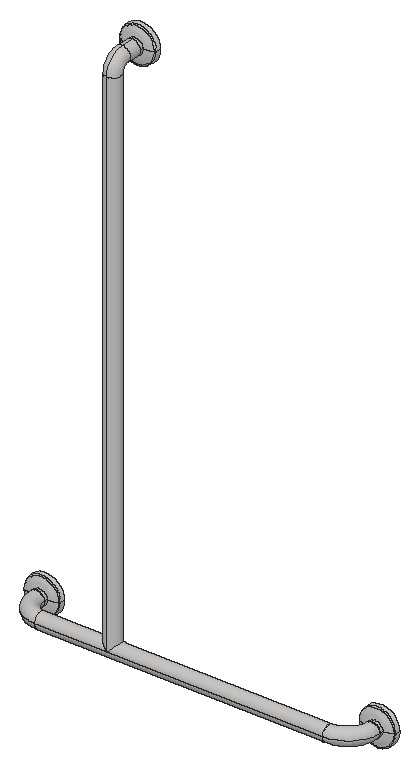
Revit family "Grab Rail_Metlam_Shower_Offset_Left", category Specialty Equipment, Revit 2016
Family settings
  Part Type = Normal
  Round Connector Dimension = Use Diameter
  OmniClass Number = 23.40.20.21.47
  OmniClass Title = Bath Grab Bars
  Work Plane-Based = No
  Always vertical = Yes
  Cut with Voids When Loaded = No
  Shared = No
  Room Calculation Point = Yes
Parameters (values of type "732w x 90d x 1132h (MLR107MKII)")
  Width = 732 mm  # constant formula
  URL = "http://www.metlam.com.au/"
  Type Comments = "Grab Rails"  # constant formula
  Model = "MLR107MKII"
  Material_ANZRS = z_Metlam_Metal_Stainless Steel_Satin
  Manufacturer_Width = 700 mm  # constant formula
  Manufacturer_URL__Product Specific = "https://metlam.com.au/product/content/grab-rails/MLR107MKII"
  Manufacturer_Spec Code = Model  # "MLR107MKII"
  Manufacturer_Height From FFL [instance] = 800 mm
  Manufacturer_Height = 1100 mm  # constant formula
  Manufacturer_Depth = Depth  # 90 mm
  Manufacturer = "Metlam"  # constant formula
  Keynote = ""
  Height = 1132 mm  # constant formula
  Description = "LH Offset Flush Mount Shower Grab Rail"  # constant formula
  Depth = 90 mm  # constant formula
  CreatedBy_ANZRS = "IGS BIM Solutions"  # constant formula
  CreatedByURL_ANZRS = "http://www.igsgroup.com.au/"
  Assembly Code = ""
Reference planes
  plane 1 "Back": y = 0
  plane 2 "Ref. Level": z = 0
  plane 3 "Wall Mount_Centre (Elevation)": z = 784
  plane 4 "Left Wall Mount_Centre (Left/Right)": x = -740
  plane 5 "Front": y = -90
  plane 6 "Right Wall Mount_Centre (Left/Right)": x = -40
  plane 7 "Middle Wall Mount_Centre (Left/Right)": x = -540
  plane 8 "Middle Wall Mount_Centre (Elevation)": z = 1884
  plane 9 "Mounting Height": z = 800
  plane 10 "Horizontal Rail_Left": x = -756
  plane 11 "Left": x = -779
  plane 12 "Horizontal Rail_Right": x = -24
  plane 13 "Right": x = -1
  plane 14 "Horizontal Rail_Bottom": z = 768
  plane 15 "Bottom": z = 745
  plane 16 "Vertical Rail_Top": z = 1900
  plane 17 "Vertical Rail_Left": x = -556
  plane 18 "Vertical Rail_Right": x = -524
  plane 19 "Top": z = 1923
Forms (mm)
  Sweep 1, solid, material "z_Metlam_Metal_Stainless Steel_Satin" <- "Material_ANZRS"
    path origin (-166.031, 0, 784) x (0, -1, 0) y (1, 0, 0)
      loop
        line (23, -573.969) -> (24, -573.969)
        arc (24, -573.969) -> (59.355, -559.325) -> (74, -523.969) r 50
        line (74, -523.969) -> (74, 76.031)
        arc (74, 76.031) -> (59.355, 111.386) -> (24, 126.031) r 50
        line (24, 126.031) -> (23.031, 126.031)
    profile origin (-390, -74, 784) x (0, 1, 0) y (0, 0, 1)
      loop
        circle (0, 0) r 16
  Revolve 2, solid, material "z_Metlam_Metal_Stainless Steel_Satin" <- "Material_ANZRS"
    sketch origin (-956.405, -1524.031, 784) x (-1, 0, 0) y (0, -1, 0)
      loop
        line (-900.405, -1507.969) -> (-900.405, -1501) -> (-916.405, -1501) -> (-916.405, -1524.031) -> (-877.405, -1524.031) -> (-878.806, -1515.241)
        arc (-878.806, -1515.241) -> (-879.256, -1514.162) -> (-880.148, -1513.405) r 2.5
        arc (-880.148, -1513.405) -> (-889.996, -1509.643) -> (-900.405, -1507.969) r 51.397
      axis (-916.405, -1501) -> (-916.405, -1524.031)
    angle from 0 to 360
  Revolve 3, solid, material "z_Metlam_Metal_Stainless Steel_Satin" <- "Material_ANZRS"
    sketch origin (-176.405, -1524, 784) x (-1, 0, 0) y (0, -1, 0)
      loop
        arc (547.595, -1507.969) -> (537.186, -1509.643) -> (527.338, -1513.405) r 51.397
        arc (527.338, -1513.405) -> (526.446, -1514.162) -> (525.997, -1515.241) r 2.5
        line (525.997, -1515.241) -> (524.595, -1524) -> (563.595, -1524) -> (563.595, -1501) -> (547.595, -1501) -> (547.595, -1507.969)
      axis (563.595, -1501) -> (563.595, -1524)
    angle from 0 to 360
  Sweep 4, solid, material "z_Metlam_Metal_Stainless Steel_Satin" <- "Material_ANZRS"
    path origin (-540, 0, 0) x (0, 1, 0) y (0, 0, 1)
      loop
        line (-23.031, 1884) -> (-49, 1884)
        arc (-49, 1884) -> (-66.678, 1876.678) -> (-74, 1859) r 25
        line (-74, 1859) -> (-74, 784)
    profile origin (-540, -36.016, 1884) x (0, 0, -1) y (1, 0, 0)
      loop
        circle (0, 0) r 16
  Revolve 5, solid, material "z_Metlam_Metal_Stainless Steel_Satin" <- "Material_ANZRS"
    sketch origin (-500, 0, 1884) x (-1, 0, 0) y (0, -1, 0)
      loop
        line (40, 0) -> (79, 0) -> (77.599, 8.759)
        arc (77.599, 8.759) -> (77.149, 9.838) -> (76.257, 10.595) r 2.5
        arc (76.257, 10.595) -> (66.409, 14.357) -> (56, 16.031) r 51.397
        line (56, 16.031) -> (56, 23) -> (40, 23) -> (40, 0)
      axis (40, 23) -> (40, 0)
    angle from 0 to 360
Cuts and joins
  joined: Sweep 1, Revolve 2, Revolve 3, Sweep 4, Revolve 5
Lines and regions (mm)
  Masking region 1
    outline origin (0, 0, 784) x (-1, 0, 0) y (0, -1, 0)
      loop
        line (56, 16.031) -> (56, 24)
        arc (56, 24) -> (65.958, 48.042) -> (90, 58) r 34
        line (90, 58) -> (523.997, 58) -> (523.997, 16.031)
        arc (523.997, 16.031) -> (513.59, 14.357) -> (503.743, 10.595) r 51.397
        arc (503.743, 10.595) -> (502.851, 9.838) -> (502.401, 8.759) r 2.5
        line (502.401, 8.759) -> (501, 0) -> (579, 0) -> (577.599, 8.759)
        arc (577.599, 8.759) -> (577.149, 9.838) -> (576.257, 10.595) r 2.5
        arc (576.257, 10.595) -> (566.407, 14.358) -> (555.997, 16.031) r 51.397
        line (555.997, 16.031) -> (555.997, 58) -> (690, 58)
        arc (690, 58) -> (714.042, 48.042) -> (724, 24) r 34
        line (724, 24) -> (724, 16.031)
        arc (724, 16.031) -> (713.577, 14.378) -> (703.727, 10.593) r 50.422
        arc (703.727, 10.593) -> (702.847, 9.842) -> (702.404, 8.774) r 2.482
        line (702.404, 8.774) -> (701, 0) -> (779, 0) -> (777.594, 8.788)
        arc (777.594, 8.788) -> (777.155, 9.844) -> (776.286, 10.586) r 2.455
        arc (776.286, 10.586) -> (766.43, 14.377) -> (756, 16.031) r 50.422
        line (756, 16.031) -> (756, 24)
        arc (756, 24) -> (736.669, 70.669) -> (690, 90) r 66
        line (690, 90) -> (90, 90)
        arc (90, 90) -> (43.331, 70.669) -> (24, 24) r 66
        line (24, 24) -> (24, 16.031)
        arc (24, 16.031) -> (13.57, 14.377) -> (3.714, 10.586) r 50.422
        arc (3.714, 10.586) -> (2.845, 9.844) -> (2.406, 8.788) r 2.455
        line (2.406, 8.788) -> (1, 0) -> (79, 0) -> (77.596, 8.774)
        arc (77.596, 8.774) -> (77.153, 9.842) -> (76.273, 10.593) r 2.482
        arc (76.273, 10.593) -> (66.423, 14.378) -> (56, 16.031) r 50.422
  symbolic lines, style "Grab Rails", detail levels medium+fine
    curve 1: line (-724, -16.031, 784) -> (-756, -16.031, 784)
    curve 2: line (-24, -16.031, 784) -> (-56, -16.031, 784)
    curve 3: line (-555.997, -16.031, 0) -> (-523.997, -16.031, 0)
  symbolic lines, style "Grab Rails"
    curve 4: line (-555.997, -58, 0) -> (-555.997, -74.321, 0)
    curve 5: line (-523.997, -74, 0) -> (-523.997, -58, 0)
    curve 6: arc (-555.997, -74.321, 0) -> (-539.839, -89.999, 0) -> (-524, -74, 0) r 16
Text (mm)
  text "> Contact Manufacturer to confirm feasibility of design variations outside the scope of this Revit Family\n\n\n\nDisclaimer:\n\nDue to ongoing product development and manufacturing evolution, product details are subject to change without notice. Please refer to product technical data sheets on the manufacturer’s website for the most current product information. Please allow a +/- 5mm manufacturing tolerance for dimensions and set-outs shown in product literature." at (296.146, 283.006, 0), in view "Ref. Level_Instruction"
Dimensions and locks
  "Manufacturer_Height From FFL": plane 9 "Mounting Height" to plane 2 "Ref. Level"
  "Manufacturer_Width": plane 4 "Left Wall Mount_Centre (Left/Right)" to plane 6 "Right Wall Mount_Centre (Left/Right)"
  "Manufacturer_Height": plane 8 "Middle Wall Mount_Centre (Elevation)" to plane 3 "Wall Mount_Centre (Elevation)"
  "Width": plane 10 "Horizontal Rail_Left" to plane 12 "Horizontal Rail_Right"
  "Height": plane 16 "Vertical Rail_Top" to plane 14 "Horizontal Rail_Bottom"
  "Depth": plane 5 "Front" to plane 1 "Back"
  locked: plane 10 "Horizontal Rail_Left" to plane 4 "Left Wall Mount_Centre (Left/Right)" at 16
  locked: plane 11 "Left" to plane 10 "Horizontal Rail_Left" at 23
  locked: plane 17 "Vertical Rail_Left" to plane 7 "Middle Wall Mount_Centre (Left/Right)" at 16
  locked: plane 7 "Middle Wall Mount_Centre (Left/Right)" to plane 18 "Vertical Rail_Right" at 16
  plane 6 "Right Wall Mount_Centre (Left/Right)" to plane 12 "Horizontal Rail_Right" = 16 mm
  locked: plane 12 "Horizontal Rail_Right" to plane 13 "Right" at 23
  locked: plane 7 "Middle Wall Mount_Centre (Left/Right)" to plane 6 "Right Wall Mount_Centre (Left/Right)" at 500
  locked: plane 4 "Left Wall Mount_Centre (Left/Right)" to plane 7 "Middle Wall Mount_Centre (Left/Right)" at 200
  locked: plane 3 "Wall Mount_Centre (Elevation)" to plane 14 "Horizontal Rail_Bottom" at 16
  locked: plane 14 "Horizontal Rail_Bottom" to plane 15 "Bottom" at 23
  locked: plane 9 "Mounting Height" to plane 3 "Wall Mount_Centre (Elevation)" at 16
  plane 16 "Vertical Rail_Top" to plane 8 "Middle Wall Mount_Centre (Elevation)" = 16 mm
  locked: plane 19 "Top" to plane 16 "Vertical Rail_Top" at 23
  aligned and locked: level to plane 2 "Ref. Level"
  aligned and locked: plane 3 "Wall Mount_Centre (Elevation)" to Sweep 1 sketch curve
  aligned and locked: plane 4 "Left Wall Mount_Centre (Left/Right)" to Sweep 1 sketch curve
  aligned and locked: Revolve 3 sketch curve to plane 4 "Left Wall Mount_Centre (Left/Right)"
  aligned and locked: Revolve 3 sketch curve to plane 1 "Back"
Automatic sketch dimensions
  Sweep 1 sketch curve to profile plane = 0 mm
  Revolve 3 sketch curve to plane 4 "Left Wall Mount_Centre (Left/Right)" = 0 mm
  plane 4 "Left Wall Mount_Centre (Left/Right)" to Revolve 3 sketch curve = 13.089 mm
  plane 4 "Left Wall Mount_Centre (Left/Right)" to Revolve 3 sketch curve = 16 mm
  plane 1 "Back" to Revolve 3 sketch curve = 8.364 mm
  Revolve 3 sketch curve to Revolve 3 sketch curve = 19.13 mm
  plane 1 "Back" to Revolve 3 sketch curve = 8.759 mm
  Revolve 3 sketch curve to Revolve 3 sketch curve = 2.469 mm
  Revolve 3 sketch curve to Revolve 3 sketch curve = 1.401 mm
  Revolve 3 sketch curve to plane 1 "Back" = 35.283 mm
  plane 1 "Back" to Revolve 3 sketch curve = 16.031 mm
  Revolve 3 sketch curve to Revolve 3 sketch curve = 6.969 mm
  Revolve 3 sketch curve to Revolve 3 sketch curve = 4.717 mm
  plane 1 "Back" to Revolve 3 sketch curve = 10 mm
  Revolve 2 sketch curve to Revolve 2 sketch curve = 16 mm
  Revolve 2 sketch curve to plane 1 "Back" = 35.252 mm
  plane 1 "Back" to Revolve 2 sketch curve = 8.395 mm
  Revolve 2 sketch curve to Revolve 2 sketch curve = 0.395 mm
  plane 1 "Back" to Revolve 2 sketch curve = 16.062 mm
  Revolve 2 sketch curve to Revolve 2 sketch curve = 6.969 mm
  Revolve 2 sketch curve to Revolve 2 sketch curve = 4.717 mm
  plane 1 "Back" to Revolve 2 sketch curve = 10.031 mm
  Revolve 2 sketch curve to Revolve 2 sketch curve = 19.13 mm
  Revolve 2 sketch curve to Revolve 2 sketch curve = 1.342 mm
  Revolve 2 sketch curve to Revolve 2 sketch curve = 1.401 mm
  plane 4 "Left Wall Mount_Centre (Left/Right)" to curve 1 = 16 mm
  curve 1 to plane 4 "Left Wall Mount_Centre (Left/Right)" = 16 mm
  plane 1 "Back" to curve 1 = 16.031 mm
  plane 6 "Right Wall Mount_Centre (Left/Right)" to Revolve 2 sketch curve = 0 mm
  Revolve 2 sketch curve to Revolve 2 sketch curve = 13.089 mm
  Revolve 2 sketch curve to Revolve 2 sketch curve = 0 mm
  curve 2 to plane 6 "Right Wall Mount_Centre (Left/Right)" = 16 mm
  curve 2 to curve 2 = 32 mm
  Revolve 2 sketch curve to Revolve 2 sketch curve = 10.031 mm
  plane 1 "Back" to curve 2 = 16.031 mm
  Sweep 1 sketch curve to plane 6 "Right Wall Mount_Centre (Left/Right)" = 0 mm
  plane 1 "Back" to Sweep 1 sketch curve = 24 mm  (x2)
  plane 5 "Front" to Sweep 1 sketch curve = 16 mm
  Sweep 1 sketch curve to Sweep 1 sketch curve = 0.969 mm
  Sweep 1 sketch curve to Sweep 1 sketch curve = 1 mm
  Sweep 4 sketch curve to profile plane = 0 mm  (x2)
  Sweep 4 sketch curve to plane 3 "Wall Mount_Centre (Elevation)" = 0 mm
  Sweep 4 sketch curve to plane 8 "Middle Wall Mount_Centre (Elevation)" = 0 mm
  plane 5 "Front" to Sweep 4 sketch curve = 16 mm
  Sweep 4 sketch curve to Sweep 4 sketch curve = 25 mm
  plane 1 "Back" to Sweep 4 sketch curve = 23.031 mm
  curve 6 to plane 7 "Middle Wall Mount_Centre (Left/Right)" = 0 mm
  curve 4 to plane 7 "Middle Wall Mount_Centre (Left/Right)" = 15.997 mm
  plane 5 "Front" to curve 4 = 15.679 mm
  plane 5 "Front" to curve 6 = 16 mm
  curve 3 to plane 7 "Middle Wall Mount_Centre (Left/Right)" = 15.997 mm
  plane 7 "Middle Wall Mount_Centre (Left/Right)" to curve 3 = 16.003 mm
  curve 6 to curve 5 = 0.003 mm
  curve 6 to curve 5 = 0 mm
  curve 4 to curve 4 = 16.321 mm
  curve 5 to curve 5 = 16 mm
  plane 1 "Back" to curve 3 = 16.031 mm
  Revolve 5 sketch curve to plane 7 "Middle Wall Mount_Centre (Left/Right)" = 0 mm  (x2)
  plane 1 "Back" to Revolve 5 sketch curve = 0 mm
  Revolve 5 sketch curve to plane 17 "Vertical Rail_Left" = 0 mm
  plane 17 "Vertical Rail_Left" to Revolve 5 sketch curve = 2.911 mm
  plane 1 "Back" to Revolve 5 sketch curve = 8.364 mm
  Revolve 5 sketch curve to plane 17 "Vertical Rail_Left" = 19.13 mm
  plane 1 "Back" to Revolve 5 sketch curve = 8.759 mm
  Revolve 5 sketch curve to Revolve 5 sketch curve = 2.469 mm
  Revolve 5 sketch curve to Revolve 5 sketch curve = 1.401 mm
  Revolve 5 sketch curve to plane 1 "Back" = 35.283 mm
  plane 1 "Back" to Revolve 5 sketch curve = 16.031 mm
  Revolve 5 sketch curve to Revolve 5 sketch curve = 6.969 mm
  Revolve 5 sketch curve to Revolve 5 sketch curve = 4.685 mm
  plane 1 "Back" to Revolve 5 sketch curve = 10.031 mm
  Masking region 1 sketch curve to Masking region 1 sketch curve = 0 mm  (x7)
  plane 1 "Back" to Masking region 1 sketch curve = 0 mm  (x3)
  Masking region 1 sketch curve to plane 13 "Right" = 0 mm
  Masking region 1 sketch curve to plane 12 "Horizontal Rail_Right" = 0 mm
  Masking region 1 sketch curve to plane 10 "Horizontal Rail_Left" = 0 mm
  Masking region 1 sketch curve to plane 11 "Left" = 0 mm
  Masking region 1 sketch curve to plane 13 "Right" = 1.406 mm
  Masking region 1 sketch curve to Masking region 1 sketch curve = 2.424 mm
  Masking region 1 sketch curve to plane 12 "Horizontal Rail_Right" = 2.64 mm
  Masking region 1 sketch curve to plane 6 "Right Wall Mount_Centre (Left/Right)" = 13.36 mm
  Masking region 1 sketch curve to plane 6 "Right Wall Mount_Centre (Left/Right)" = 16 mm
  plane 1 "Back" to Masking region 1 sketch curve = 8.382 mm
  Masking region 1 sketch curve to Masking region 1 sketch curve = 19.145 mm
  plane 1 "Back" to Masking region 1 sketch curve = 8.774 mm  (x2)
  Masking region 1 sketch curve to Masking region 1 sketch curve = 2.451 mm  (x2)
  Masking region 1 sketch curve to Masking region 1 sketch curve = 1.404 mm  (x2)
  Masking region 1 sketch curve to Masking region 1 sketch curve = 12.404 mm
  plane 18 "Vertical Rail_Right" to Masking region 1 sketch curve = 23 mm
  plane 1 "Back" to Masking region 1 sketch curve = 8.759 mm  (x2)
  Masking region 1 sketch curve to Masking region 1 sketch curve = 1.401 mm  (x2)
  Masking region 1 sketch curve to Masking region 1 sketch curve = 2.469 mm  (x2)
  plane 18 "Vertical Rail_Right" to Masking region 1 sketch curve = 0.003 mm
  Masking region 1 sketch curve to plane 18 "Vertical Rail_Right" = 2.911 mm
  plane 17 "Vertical Rail_Left" to Masking region 1 sketch curve = 2.911 mm
  plane 17 "Vertical Rail_Left" to Masking region 1 sketch curve = 0.003 mm
  plane 1 "Back" to Masking region 1 sketch curve = 8.364 mm
  Masking region 1 sketch curve to plane 17 "Vertical Rail_Left" = 19.13 mm
  plane 1 "Back" to Masking region 1 sketch curve = 24 mm
  plane 4 "Left Wall Mount_Centre (Left/Right)" to Masking region 1 sketch curve = 50 mm
  Masking region 1 sketch curve to Masking region 1 sketch curve = 11 mm
  plane 4 "Left Wall Mount_Centre (Left/Right)" to Masking region 1 sketch curve = 16 mm
  plane 4 "Left Wall Mount_Centre (Left/Right)" to Masking region 1 sketch curve = 13.36 mm
  plane 10 "Horizontal Rail_Left" to Masking region 1 sketch curve = 2.64 mm
  plane 11 "Left" to Masking region 1 sketch curve = 3.83 mm
  plane 11 "Left" to Masking region 1 sketch curve = 1.406 mm
  Masking region 1 sketch curve to plane 1 "Back" = 34.322 mm  (x2)
  Masking region 1 sketch curve to plane 1 "Back" = 35.283 mm
  Masking region 1 sketch curve to Masking region 1 sketch curve = 0.395 mm
  Masking region 1 sketch curve to Masking region 1 sketch curve = 0.392 mm
  plane 1 "Back" to Masking region 1 sketch curve = 8.4 mm  (x2)
  Masking region 1 sketch curve to Masking region 1 sketch curve = 0.388 mm  (x2)
  plane 1 "Back" to Masking region 1 sketch curve = 16.031 mm  (x2)
  Masking region 1 sketch curve to Masking region 1 sketch curve = 7.969 mm  (x4)
  radius of Sweep 1 sketch curve = 16 mm
  radius of Sweep 4 sketch curve = 16 mm
